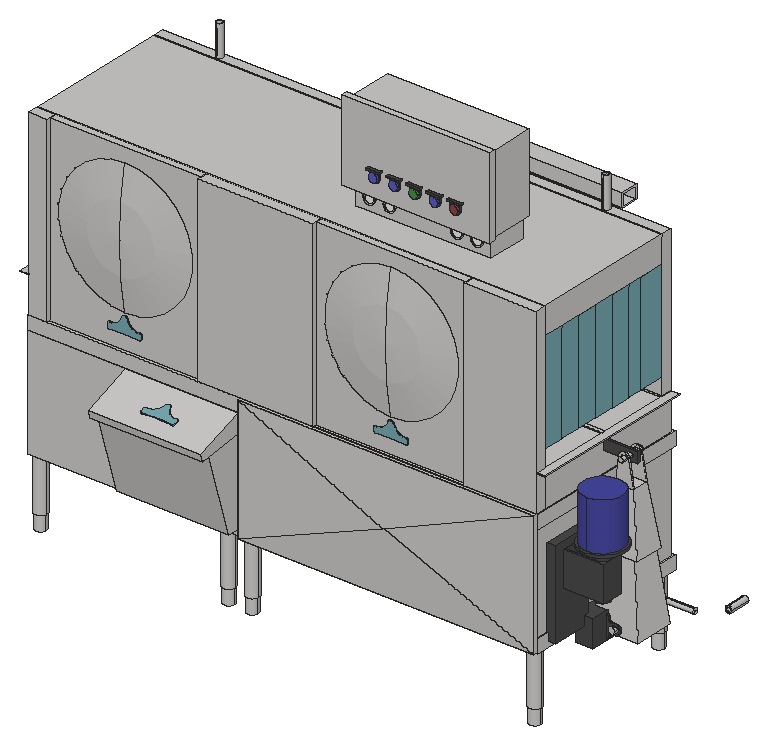
Revit family (continued)
Definition of nested family "QF_Stero_ER-76S_L-R_S_EX"
  Parameters (values of type "Nested")
    Exhaust RI Height [instance] = 0' - 0"
    Description = ""
    Assembly Code = ""
  Reference planes (in)
    plane 1 "Center (Back)": y = 0
    plane 2: z = 0
    plane 3 "Center (Left)": x = 0
    plane 4: x = 16
    plane 5: y = -4
  Lines and regions (in)
    symbolic lines, style "QF_Multiple Utilities"
      curve 1: line (0, 0, 0) -> (16, 0, 0)
      curve 2: line (0, -4, 0) -> (0, 0, 0)
      curve 3: line (16, -4, 0) -> (0, -4, 0)
      curve 4: line (16, 0, 0) -> (16, -4, 0)
      curve 5: line (16, 0, 0) -> (0, -4, 0)
      curve 6: line (0, 0, 0) -> (16, -4, 0)
  Dimensions and locks (in)
    "Exhaust Vent Width": plane 3 "Center (Left)" to plane 4
    "Exhaust Vent Depth": plane 1 "Center (Back)" to plane 5
    aligned and locked: level to plane 2
    aligned and locked: plane 1 "Center (Back)" to curve 1
    aligned and locked: plane 3 "Center (Left)" to curve 2
    aligned and locked: curve 3 to plane 5
    aligned and locked: curve 4 to plane 4
Definition of nested family "QF_Stero_ER-76S_L-R_S_HW2"
  Parameters (values of type "Nested")
    Watermarked By = "http://revitwatermark.com"
    Type Comments = "⍁⍉⌁⌀⏭⎽⌇⍠⌜⍉⎖⌥⌦⌯⍭⏊⍻⍿⍊⏵⍊⏗⏠⍴⎡⌈⎀⍠⌓⌤⏘⎐⍀⌐⏬⏁⎈⏍⏦⎒⏬⌝⍩⍇⌣〈⎫〉⎁⏊⍥⍖⍥⍝⍦⌖⍀⏌⏭⎝⎼⏷⏞⍻⏯⎽⏷⏞⍻⏯⎽⏷⎺⌻⎝⍎⌧⏷⏟⏿⌿⍜⍦⍤⌁⍬⏶⏎⍊⏚⏉⎞⌡⎀⎪⏈⌟⌿⍾⍼⌟⌿⌢⏮⏝⏝⏛⎽⎻⎷⎳⎻⎗⌾⍼⎴⏿⏰⏑⏮⍮⍺⏼⏅⎏⌽⌻⍽⎝⍮⎧⎯⏛⎼⎮⍾⏬⏇⏎⏳⏦⏠⎧⎳⍷⏿⌏"
    Plumbing Remarks [instance] = ""
    Item Number [instance] = "-"
    Hot Water Temperature [instance] = 0 °F
    Hot Water Size [instance] = 1/4"
    Hot Water RI Height [instance] = 0' - 0"
    Hot Water Minimum Pressure [instance] = 0.00 psi
    Hot Water Maximum Pressure [instance] = 0.00 psi
    Hot Water Flow [instance] = 0.00 GPM
    Hot Water Consumption [instance] = 0.00 GPM
    Hot Water Connection Height [instance] = 0' - 0"
    Description = ""
    Hot Water Size Radius [instance] = Hot Water Size / 2  # 1/8"
    Assembly Code = ""
  Reference planes (in)
    plane 1 "Center (Back)": y = 0
    plane 2: z = 0
    plane 3 "Center (Left)": x = 0
  Lines and regions (in)
    symbolic lines, style "QF_Multiple Utilities"
      curve 1: circle (0, 0, 0) r 0.125 normal (0, 0, 1)
  Dimensions and locks (in)
    "Hot Water Size Radius": radius of curve 1
    aligned and locked: level to plane 2
  Automatic sketch dimensions
    plane 1 "Center (Back)" to curve 1 = 0' - 0"
    curve 1 to plane 3 "Center (Left)" = 0' - 0"
Types (4): name | Watermarked By | Volts | Phase | FL Amps | Apparent Power
  (no name) | "" | 208 V | 1 | 12.5 A | 2600 VA
  208/60/1 | "http://revitwatermark.com" | 208 V | 1 | 12.5 A | 2600 VA
  208/60/3 | "" | 208 V | 3 | 12.5 A | 4498 VA
  480/60/3 | "" | 480 V | 3 | 6.9 A | 5729.76 VA
